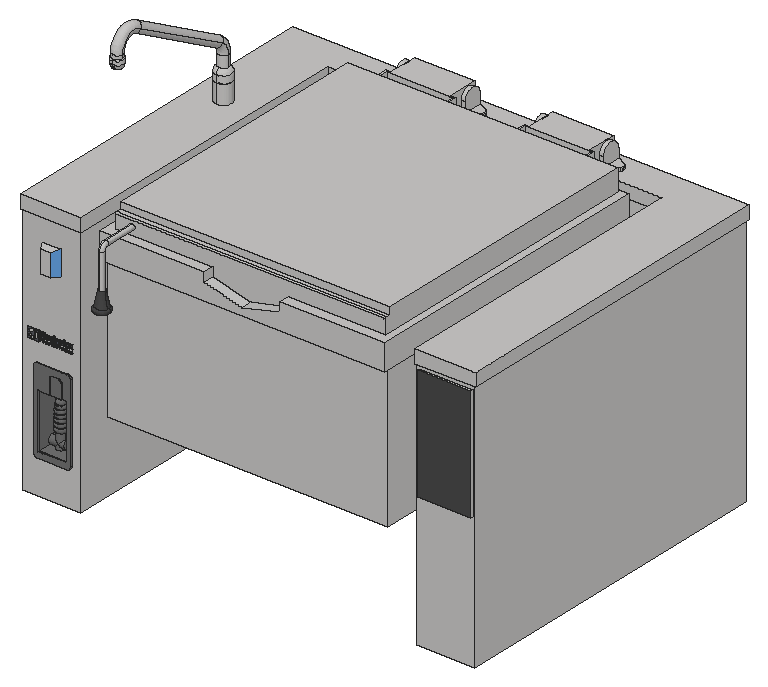
Revit family "QF_ELECTROLUXPROFESSIONAL_586930_PFET09ECES", category Specialty Equipment, Revit 2018 (continued)
Automatic sketch dimensions
  Extrusion 25 sketch curve to Extrusion 25 sketch curve = 0.295 mm  (x2)
  Extrusion 25 sketch curve to Extrusion 25 sketch curve = 0.968 mm
  Extrusion 25 sketch curve to Extrusion 25 sketch curve = 3.826 mm
  Extrusion 25 sketch curve to Extrusion 25 sketch curve = 1.018 mm  (x2)
  Extrusion 25 sketch curve to Extrusion 25 sketch curve = 4.718 mm
  Extrusion 25 sketch curve to Extrusion 25 sketch curve = 2.967 mm
  Extrusion 25 sketch curve to Extrusion 25 sketch curve = 1.662 mm
  Extrusion 25 sketch curve to Extrusion 25 sketch curve = 1.626 mm  (x3)
  Extrusion 25 sketch curve to Extrusion 25 sketch curve = 1.65 mm
  Extrusion 25 sketch curve to Extrusion 25 sketch curve = 1.192 mm
  Extrusion 25 sketch curve to Extrusion 25 sketch curve = 2.57 mm  (x2)
  Extrusion 25 sketch curve to Extrusion 25 sketch curve = 3.444 mm  (x2)
  Extrusion 25 sketch curve to Extrusion 25 sketch curve = 1.343 mm  (x2)
  Extrusion 25 sketch curve to Extrusion 25 sketch curve = 1.353 mm  (x2)
  Extrusion 25 sketch curve to Extrusion 25 sketch curve = 0.027 mm  (x2)
  Extrusion 25 sketch curve to Extrusion 25 sketch curve = 0.395 mm  (x2)
  Extrusion 25 sketch curve to Extrusion 25 sketch curve = 0.329 mm  (x2)
  Extrusion 25 sketch curve to Extrusion 25 sketch curve = 0.425 mm  (x2)
  Extrusion 25 sketch curve to Extrusion 25 sketch curve = 0.051 mm  (x2)
  Extrusion 25 sketch curve to Extrusion 25 sketch curve = 0.495 mm  (x2)
  Extrusion 25 sketch curve to Extrusion 25 sketch curve = 0.267 mm  (x2)
  Extrusion 25 sketch curve to Extrusion 25 sketch curve = 1.40 mm
  Extrusion 25 sketch curve to Extrusion 25 sketch curve = 5.233 mm
  Extrusion 25 sketch curve to Extrusion 25 sketch curve = 2.062 mm
  plane 3 "LEFT" to Extrusion 26 sketch curve = 43.40 mm
  Extrusion 26 sketch curve to Extrusion 26 sketch curve = 82.00 mm
  plane 7 to Extrusion 26 sketch curve = 105.944 mm
  Extrusion 26 sketch curve to Extrusion 26 sketch curve = 195.00 mm
  radius of Sweep 5 sketch curve = 6.119 mm
  radius of Extrusion 22 sketch curve = 6.35 mm  (x2)
  radius of Extrusion 23 sketch curve = 6.35 mm
  radius of curve 28 = 25.00 mm
  radius of Extrusion 25 sketch curve = 2.453 mm
  radius of Extrusion 25 sketch curve = 1.557 mm
  radius of Extrusion 25 sketch curve = 1.468 mm
  radius of Extrusion 25 sketch curve = 2.451 mm
Nested families
  nested 1: "QF_ELECTROLUXPROFESSIONAL_RubSprint" at (80, -330.346, 900), type "QF_ELECTROLUXPROFESSIONAL_RubSprint"
  nested 2: "QF_ELECTROLUXPROFESSIONAL_SprayGun" at (80.4, -837, 291.944), type "QF_ELECTROLUXPROFESSIONAL_SprayGun"
Connectors
  electrical at (1121.204, 5, 395), driven by "Volts"
    settings: on Extrusion 23, index 1, voltage 400 V, apparent load 15500 VA, apparent load phase1 0 VA, apparent load phase2 0 VA, apparent load phase3 0 VA, power factor 1, load classification "Other", number of poles 1, system type 30, power factor state 1, is connector primary yes, connector utility no, sub classification motor no, connector description "Electrical Connection"
  piping at (106.204, 5, 395), diameter 12.7
    settings: on Extrusion 22, index 2, connector inside diameter 1/2", connector length 0.00 mm, flow factor 0, pipe flow 0 GPM, pressure drop 0.00 psi, fitting loss kfactor 0, connector angle 0.00°, fixture units 0, engagement length 0.00 mm, angle of deflection 0.00°, flow configuration 1, flow direction 1, fitting loss method 0, system type 20, joint type 0, gender type 0, connector reference index -1, connector utility 0, adjustable connector no, is connector primary yes, connector description "Cold Water Inlet"
  piping at (46.204, 5, 395), diameter 12.7
    settings: on Extrusion 22, index 3, connector inside diameter 1/2", connector length 0.00 mm, flow factor 0, pipe flow 0 GPM, pressure drop 0.00 psi, fitting loss kfactor 0, connector angle 0.00°, fixture units 0, engagement length 0.00 mm, angle of deflection 0.00°, flow configuration 1, flow direction 1, fitting loss method 0, system type 19, joint type 0, gender type 0, connector reference index -1, connector utility 0, adjustable connector no, is connector primary no, connector description "Hot Water Inlet"
Definition of nested family "QF_ELECTROLUXPROFESSIONAL_RubSprint"
  Reference planes
    plane 1 "Center (Front/Back)": y = 0
    plane 2: z = 0
    plane 3 "Center (Left/Right)": x = 0
  Forms (mm)
    Revolve 1, solid
      sketch origin (0, 0, 0) x (0, 1, 0) y (0, 0, 1)
        loop
          line (-21, 0) -> (0, 0) -> (0, 82.75) -> (-14.385, 82.75)
          arc (-14.385, 82.75) -> (-19.409, 76.68) -> (-22.385, 69.383) r 26
          line (-22.385, 69.383) -> (-22.385, 51.306) -> (-21, 50.388) -> (-21, 0)
        axis (0, 82.75) -> (0, 0)
      angle from 0 to 360
    Sweep 2, solid
      path origin (0, 0, 0) x (0, 1, 0) y (0, 0, 1)
        loop
          line (0, 82.75) -> (0, 113.75)
          arc (0, 113.75) -> (-5.44, 133.889) -> (-20.279, 148.551) r 40
          line (-20.279, 148.551) -> (-290.279, 301.55)
          arc (-290.279, 301.55) -> (-330.139, 301.31) -> (-349.999, 266.749) r 40
          line (-349.999, 266.749) -> (-349.999, 257.884)
      profile origin (0, 0, 98.25) x (0, -1, 0) y (1, 0, 0)
        loop
          circle (0, 0) r 13.5
    Revolve 3, solid
      sketch origin (0, 0, 0) x (0, 1, 0) y (0, 0, 1)
        loop
          line (-333.717, 244.264) -> (-333.717, 254.236)
          arc (-333.717, 254.236) -> (-334.434, 255.758) -> (-335.779, 256.77) r 3.5
          line (-335.779, 256.77) -> (-336.499, 257.884) -> (-349.999, 257.884) -> (-349.999, 233.05) -> (-339.2, 233.05)
          arc (-339.2, 233.05) -> (-338.052, 233.411) -> (-337.32, 234.365) r 2
          line (-337.32, 234.365) -> (-333.717, 244.264)
        axis (-349.999, 257.884) -> (-349.999, 233.05)
      angle from 0 to 360
  Lines and regions (mm)
    symbolic lines
      curve 1: arc (-13.5, -17.856, 0) -> (0, 22.385, 0) -> (13.5, -17.856, 0) r 22.385
      curve 2: arc (-13.5, 0, 0) -> (0, 13.5, 0) -> (13.5, 0, 0) r 13.5
      curve 3: arc (-13.5, -349.999, 0) -> (0, -363.499, 0) -> (13.5, -349.999, 0) r 13.5
      curve 4: arc (-13.5, -340.897, 0) -> (0, -366.281, 0) -> (13.5, -340.897, 0) r 16.282
      curve 5: line (13.5, -349.999, 0) -> (13.5, 0, 0)
      curve 6: line (-13.5, -349.999, 0) -> (-13.5, 0, 0)
  Dimensions and locks
    aligned and locked: level to plane 2
Definition of nested family "QF_ELECTROLUXPROFESSIONAL_SprayGun"
  Reference planes
    plane 1 "Center (Front/Back)": y = 0
    plane 2: z = 0
    plane 3 "SGy": x = 13
    plane 4 "AxeZ": y = -45
    plane 5 "Center (Left/Right)": x = 4
    plane 6 "Center (Top/Right)": z = 112.5
  Forms (mm)
    Revolve 1, solid
      sketch origin (0, -45, 0) x (0, 0, 1) y (-1, 0, 0)
        loop
          line (73.98, -1.423) -> (33.98, -1.423) -> (33.98, -13) -> (151.7, -13) -> (151.7, -4.362)
          arc (151.7, -4.362) -> (147.093, -1.396) -> (141.64, -1.926) r 8.345
          arc (141.64, -1.926) -> (140.226, -2.024) -> (139.103, -1.16) r 2
          arc (139.103, -1.16) -> (138.832, -0.814) -> (138.493, -0.536) r 2
          arc (138.493, -0.536) -> (134.77, 0.557) -> (131.061, -0.581) r 6.745
          arc (131.061, -0.581) -> (129.812, -0.914) -> (128.62, -0.414) r 2
          arc (128.62, -0.414) -> (124.347, 1.338) -> (119.917, 0.035) r 6.972
          arc (119.917, 0.035) -> (118.79, -0.341) -> (117.648, -0.011) r 2
          arc (117.648, -0.011) -> (113.81, 1.188) -> (109.921, 0.166) r 7.275
          arc (109.921, 0.166) -> (108.725, -0.109) -> (107.594, 0.367) r 2
          arc (107.594, 0.367) -> (103.55, 1.928) -> (99.427, 0.587) r 6.475
          arc (99.427, 0.587) -> (98.262, 0.173) -> (97.076, 0.524) r 2
          arc (97.076, 0.524) -> (92.711, 1.941) -> (88.277, 0.758) r 8.094
          arc (88.277, 0.758) -> (87.212, 0.464) -> (86.153, 0.781) r 2
          arc (86.153, 0.781) -> (79.633, 2.075) -> (73.98, -1.423) r 9.075
        axis (151.7, -13) -> (33.98, -13)
      angle from 0 to 360
    Revolve 2, solid
      sketch origin (0, -45, 0) x (0, 0, 1) y (-1, 0, 0)
        loop
          line (47.58, 11.558) -> (40.98, 11.558) -> (40.98, 9.577) -> (35.98, 9.577) -> (35.98, -30.423) -> (40.98, -30.423) -> (40.98, -35.423) -> (47.58, -35.423) -> (47.58, 11.558)
        axis (47.58, 11.558) -> (47.58, -35.423)
      angle from 0 to 360
    Extrusion 3, solid
      sketch origin (0, -45, 0) x (1, 0, 0) y (0, 1, 0)
        loop
          line (21.638, 0) -> (17.319, 7.481) -> (8.681, 7.481) -> (4.362, 0) -> (8.681, -7.481) -> (17.319, -7.481) -> (21.638, 0)
      from 151.7 to 160.974
    Extrusion 4, solid
      sketch origin (0, 0, 0) x (1, 0, 0) y (0, 0, 1)
        loop
          arc (-45, 10) -> (-42.071, 2.929) -> (-35, 0) r 10
          line (-35, 0) -> (43, 0)
          arc (43, 0) -> (50.071, 2.929) -> (53, 10) r 10
          line (53, 10) -> (53, 215)
          arc (53, 215) -> (50.071, 222.071) -> (43, 225) r 10
          line (43, 225) -> (-35, 225)
          arc (-35, 225) -> (-42.071, 222.071) -> (-45, 215) r 10
          line (-45, 215) -> (-45, 10)
        loop
          line (-35, 162) -> (-35, 16) -> (43, 16) -> (43, 162) -> (29, 162) -> (29, 199)
          arc (29, 199) -> (26.657, 204.657) -> (21, 207) r 8
          line (21, 207) -> (5, 207)
          arc (5, 207) -> (-0.657, 204.657) -> (-3, 199) r 8
          line (-3, 199) -> (-3, 162) -> (-35, 162)
      from 63 to 60
    Extrusion 5, solid
      sketch origin (0, 0, 0) x (1, 0, 0) y (0, 0, 1)
        loop
          line (-35, 16) -> (43, 16) -> (43, 162) -> (29, 162) -> (29, 199)
          arc (29, 199) -> (26.657, 204.657) -> (21, 207) r 8
          line (21, 207) -> (5, 207)
          arc (5, 207) -> (-0.657, 204.657) -> (-3, 199) r 8
          line (-3, 199) -> (-3, 162) -> (-35, 162) -> (-35, 16)
        loop
          line (31, 164) -> (31, 199)
          arc (31, 199) -> (28.071, 206.071) -> (21, 209) r 10
          line (21, 209) -> (5, 209)
          arc (5, 209) -> (-2.071, 206.071) -> (-5, 199) r 10
          line (-5, 199) -> (-5, 164) -> (-37, 164) -> (-37, 14) -> (45, 14) -> (45, 164) -> (31, 164)
      from 0 to 60
    Extrusion 6, solid
      sketch origin (0, 0, 0) x (1, 0, 0) y (0, 0, 1)
        loop
          line (-37, 164) -> (-37, 14) -> (45, 14) -> (45, 164) -> (-37, 164)
      from 6 to 0
    Extrusion 7, solid
      sketch origin (0, 0, 0) x (1, 0, 0) y (0, 0, 1)
        loop
          line (28, 160.974) -> (28, 198)
          arc (28, 198) -> (25.657, 203.657) -> (20, 206) r 8
          line (20, 206) -> (6, 206)
          arc (6, 206) -> (0.343, 203.657) -> (-2, 198) r 8
          line (-2, 198) -> (-2, 160.974) -> (28, 160.974)
      from 0 to 63
  Dimensions and locks
    equal spacing: Extrusion 4, plane 5 "Center (Left/Right)", Extrusion 4
    Extrusion 4 to Extrusion 4 = 225.00 mm
    Extrusion 4 to Extrusion 4 = 98.00 mm
    aligned and locked: level to plane 2
  Automatic sketch dimensions
    plane 3 "SGy" to Revolve 1 sketch curve = 0.00 mm  (x2)
    plane 5 "Center (Left/Right)" to Revolve 1 sketch curve = 2.577 mm
    level to Revolve 1 sketch curve = 33.98 mm
    Revolve 1 sketch curve to Revolve 1 sketch curve = 40.00 mm
    Revolve 1 sketch curve to plane 5 "Center (Left/Right)" = 2.854 mm
    Revolve 1 sketch curve to Revolve 1 sketch curve = 7.27 mm
    Revolve 1 sketch curve to Revolve 1 sketch curve = 5.984 mm
    Revolve 1 sketch curve to plane 5 "Center (Left/Right)" = 2.15 mm
    Revolve 1 sketch curve to Revolve 1 sketch curve = 5.262 mm
    Revolve 1 sketch curve to Revolve 1 sketch curve = 5.712 mm
    Revolve 1 sketch curve to plane 5 "Center (Left/Right)" = 0.545 mm
    Revolve 1 sketch curve to Revolve 1 sketch curve = 5.167 mm
    Revolve 1 sketch curve to Revolve 1 sketch curve = 5.522 mm
    Revolve 1 sketch curve to plane 5 "Center (Left/Right)" = 2.085 mm
    Revolve 1 sketch curve to Revolve 1 sketch curve = 4.746 mm
    Revolve 1 sketch curve to Revolve 1 sketch curve = 5.106 mm
    Revolve 1 sketch curve to plane 5 "Center (Left/Right)" = 1.624 mm
    Revolve 1 sketch curve to Revolve 1 sketch curve = 5.239 mm
    Revolve 1 sketch curve to Revolve 1 sketch curve = 5.96 mm
    Revolve 1 sketch curve to plane 5 "Center (Left/Right)" = 2.187 mm
    Revolve 1 sketch curve to Revolve 1 sketch curve = 4.862 mm
    plane 5 "Center (Left/Right)" to Revolve 1 sketch curve = 1.788 mm
    Revolve 1 sketch curve to Revolve 1 sketch curve = 2.59 mm
    Revolve 1 sketch curve to Revolve 1 sketch curve = 3.403 mm
    plane 3 "SGy" to Revolve 1 sketch curve = 3.493 mm
    Revolve 1 sketch curve to Revolve 1 sketch curve = 4.325 mm
    Revolve 1 sketch curve to Revolve 1 sketch curve = 6.57 mm
    Revolve 1 sketch curve to plane 5 "Center (Left/Right)" = 0.362 mm
    plane 5 "Center (Left/Right)" to Revolve 1 sketch curve = 3.891 mm
    plane 5 "Center (Left/Right)" to Revolve 1 sketch curve = 5.081 mm
    plane 5 "Center (Left/Right)" to Revolve 1 sketch curve = 5.658 mm
    plane 5 "Center (Left/Right)" to Revolve 1 sketch curve = 5.884 mm
    plane 5 "Center (Left/Right)" to Revolve 1 sketch curve = 6.173 mm
    plane 5 "Center (Left/Right)" to Revolve 1 sketch curve = 6.464 mm
    Revolve 1 sketch curve to Revolve 1 sketch curve = 7.72 mm
    Revolve 1 sketch curve to Revolve 1 sketch curve = 0.00 mm  (x12)
    Revolve 1 sketch curve to Revolve 1 sketch curve = 1.57 mm
    Revolve 2 sketch curve to plane 3 "SGy" = 17.423 mm
    level to Revolve 2 sketch curve = 35.98 mm
    Revolve 2 sketch curve to Revolve 2 sketch curve = 5.00 mm  (x3)
    Revolve 2 sketch curve to Revolve 2 sketch curve = 6.60 mm
    plane 5 "Center (Left/Right)" to Revolve 2 sketch curve = 13.577 mm
    Revolve 2 sketch curve to Revolve 2 sketch curve = 1.981 mm
    Revolve 2 sketch curve to Revolve 2 sketch curve = 0.00 mm  (x2)
    Revolve 2 sketch curve to Revolve 2 sketch curve = 4.326 mm
    plane 4 "AxeZ" to Extrusion 3 sketch curve = 0.00 mm  (x2)
    Extrusion 3 sketch curve to plane 5 "Center (Left/Right)" = 0.362 mm
    plane 3 "SGy" to Extrusion 3 sketch curve = 4.319 mm  (x2)
    Extrusion 3 sketch curve to plane 3 "SGy" = 4.319 mm  (x2)
    Extrusion 3 sketch curve to Extrusion 3 sketch curve = 4.319 mm
    plane 4 "AxeZ" to Extrusion 3 sketch curve = 7.481 mm
    Extrusion 3 sketch curve to plane 4 "AxeZ" = 7.481 mm
    Extrusion 4 sketch curve to level = 0.00 mm
    level to Extrusion 4 sketch curve = 10.00 mm
    plane 5 "Center (Left/Right)" to Extrusion 4 sketch curve = 49.00 mm
    Extrusion 4 sketch curve to Extrusion 4 sketch curve = 10.00 mm  (x2)
    Extrusion 4 sketch curve to Extrusion 4 sketch curve = 0.00 mm  (x3)
    plane 5 "Center (Left/Right)" to Extrusion 4 sketch curve = 7.00 mm
    Extrusion 4 sketch curve to plane 5 "Center (Left/Right)" = 1.00 mm
    Extrusion 4 sketch curve to plane 3 "SGy" = 8.00 mm
    Extrusion 4 sketch curve to plane 3 "SGy" = 16.00 mm
    Extrusion 4 sketch curve to Extrusion 4 sketch curve = 14.00 mm  (x2)
    Extrusion 4 sketch curve to Extrusion 4 sketch curve = 6.00 mm
    Extrusion 4 sketch curve to Extrusion 4 sketch curve = 146.00 mm
    Extrusion 4 sketch curve to Extrusion 4 sketch curve = 37.00 mm
    Extrusion 4 sketch curve to Extrusion 4 sketch curve = 16.00 mm
    Extrusion 5 sketch curve to Extrusion 5 sketch curve = 0.00 mm  (x5)
    level to Extrusion 5 sketch curve = 14.00 mm
    plane 5 "Center (Left/Right)" to Extrusion 5 sketch curve = 41.00 mm
    Extrusion 5 sketch curve to Extrusion 5 sketch curve = 2.00 mm  (x6)
    plane 5 "Center (Left/Right)" to Extrusion 5 sketch curve = 9.00 mm
    Extrusion 5 sketch curve to plane 5 "Center (Left/Right)" = 1.00 mm
    Extrusion 5 sketch curve to plane 3 "SGy" = 8.00 mm
    Extrusion 5 sketch curve to Extrusion 5 sketch curve = 8.00 mm
    Extrusion 5 sketch curve to plane 3 "SGy" = 30.00 mm
    Extrusion 5 sketch curve to Extrusion 5 sketch curve = 146.00 mm
    Extrusion 5 sketch curve to Extrusion 5 sketch curve = 35.00 mm
    level to Extrusion 6 sketch curve = 14.00 mm
    plane 5 "Center (Left/Right)" to Extrusion 6 sketch curve = 41.00 mm
    Extrusion 6 sketch curve to plane 3 "SGy" = 32.00 mm
    Extrusion 6 sketch curve to Extrusion 6 sketch curve = 150.00 mm
    plane 5 "Center (Left/Right)" to Extrusion 7 sketch curve = 6.00 mm
    Extrusion 7 sketch curve to plane 5 "Center (Left/Right)" = 2.00 mm
    Extrusion 7 sketch curve to plane 3 "SGy" = 7.00 mm
    Extrusion 7 sketch curve to plane 3 "SGy" = 15.00 mm
    level to Extrusion 7 sketch curve = 160.974 mm
    Extrusion 7 sketch curve to Extrusion 7 sketch curve = 37.026 mm
